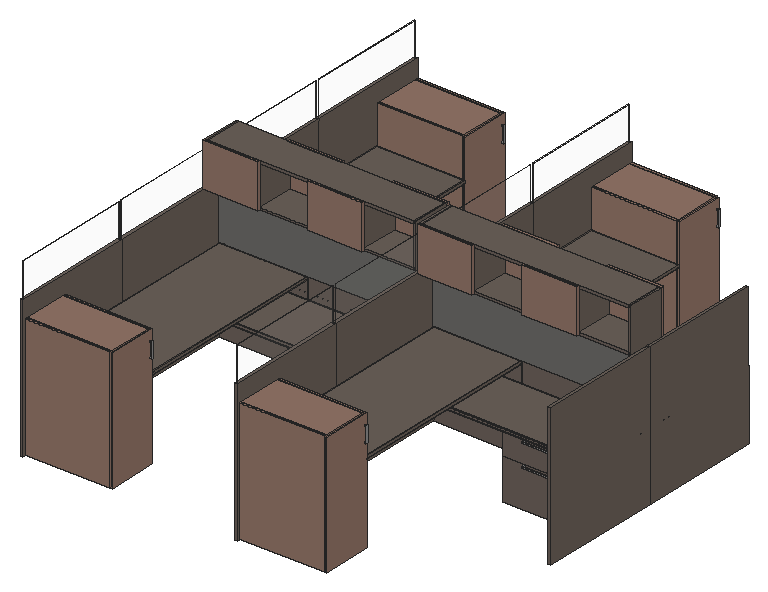
Revit family "T200178", category Furniture, Revit 2015
Parameters (values of type "T200178")
  URL = "https://ofs.com/"
  Type Comments = ""
  Staks slide Out Storage Tower Door Handle = OFS STAKS Metal Handle Material
  Staks slide Out Storage Tower Door = OFS STAKS Veneer Finish
  Staks slide Out Storage Tower Chasis = OFS STAKS Veneer Finish
  Staks fabric Tackboard = STAKS FABRIC TACKBOARD
  Staks Spine or Divider Wall = STAKS SURFACE LG
  Staks Double Sided Frosted Glass = OFS STAKS Frosted Glass
  Staks 15h Shared Organizer Door = OFS STAKS Doors Material
  Staks 15h Shared Organizer Board = OFS STAKS Boards
  Model = "T200178"
  Manufacturer = "OFS"
  Description = "OFS TYPICAL T200178"
  Copyright © = "©OFS 2020"
  Catalog = "https://ofs.com/2020-experience"
  Authoring Version = "Autodesk Revit Architecture 2015"
  Assembly Code = "E2020400"
Reference planes (in)
  plane 1 "Center Front/Back": y = 0
  plane 2: z = 0
  plane 3 "Center Left/Right": x = 0
Dimensions and locks (in)
  nested 12 to nested 15 = 72.00"
  aligned and locked: level to plane 2
Nested families (in)
  nested 1: "STAKS SLIDE OUT STORAGE TOWER Full Door" at (-52.49965, -104.47711, 0) x (0, 1, 0) z (0, 0, 1), type "STAKS SLIDE OUT STORAGE TOWER 42H Left - Three Section Felt Pocket & Section Felt Pocket & Stationary Shelf"
  nested 2: "STAKS SLIDE OUT STORAGE TOWER Full Door" at (-52.49965, 104.47711, 0) x (0, -1, 0) z (0, 0, 1), type "STAKS SLIDE OUT STORAGE TOWER 42H Right - Three Section Felt Pocket & Section Felt Pocket & Stationary Shelf"
  nested 3: "STAKS RECTANGULAR WORKSURFACES Worksurface Height" at (-74.33365, -74.05498, 0) x (0, 1, 0) z (0, 0, 1), type "STAKS RECTANGULAR WORKSURFACE 66 x 30"
    with Height Above Floor 29.00"
  nested 4: "STAKS RECTANGULAR WORKSURFACES Worksurface Height" at (-74.33365, 74.05498, 0) x (0, -1, 0) z (0, 0, 1), type "STAKS RECTANGULAR WORKSURFACE 66 x 30"
    with Height Above Floor 29.00"
  nested 5: "STAKS RECTANGULAR WORKSURFACES Short Grain" at (7.05498, -25.83365, -5.875) x (-1, 0, 0) z (0, 0, 1), type "STAKS RECTANGULAR WORKSURFACE 22 x 72"
    with Height Above Floor 29.00"
  nested 6: "STAKS LOW HEIGHT PEDESTAL WIDE - BOX-FILE - NO RISER SUPPORT" at (-36.53961, -21.9066, 0) x (1, 0, 0) z (0, 0, 1), type "STAKS LOW HEIGHT PEDESTAL WIDE - BOX-FILE - NO RISER SUPPORT 30in W x 22in D"
  nested 7: "STAKS LOW HEIGHT PEDESTAL WIDE - BOX-FILE - NO RISER SUPPORT" at (-36.53961, 21.9066, 0) x (1, 0, 0) z (0, 0, 1), type "STAKS LOW HEIGHT PEDESTAL WIDE - BOX-FILE - NO RISER SUPPORT 30in W x 22in D"
  nested 8: "STAKS RECTANGULAR WORKSURFACES Short Grain" at (7.05498, 25.83365, -5.875) x (-1, 0, 0) z (0, 0, 1), type "STAKS RECTANGULAR WORKSURFACE 22 x 72"
    with Height Above Floor 29.00"
  nested 9: "STAKS SPINE OR DIVIDER WALL 48in" at (-80.05498, 2.33365, 0), type "STAKS SPINE OR DIVIDER WALL 48in X 30in"
    with Height Above Floor 48.00"
  nested 10: "STAKS SPINE OR DIVIDER WALL 48in" at (-50.05498, 2.33365, 0), Staks Spine or Divider Wall <- "Staks Spine or Divider Wall", type "STAKS SPINE OR DIVIDER WALL 48in X 42in"
    with Height Above Floor 48.00"
  nested 11: "STAKS SPINE OR DIVIDER WALL 48in" at (-2.33365, 34.44502, 0) x (0, 1, 0) z (0, 0, 1), Staks Spine or Divider Wall <- "Staks Spine or Divider Wall", type "STAKS SPINE OR DIVIDER WALL 48in X 42in"
    with Height Above Floor 48.00"
  nested 12: "STAKS SPINE OR DIVIDER WALL 48in" at (-2.33365, -34.44502, 0) x (0, -1, 0) z (0, 0, 1), Staks Spine or Divider Wall <- "Staks Spine or Divider Wall", type "STAKS SPINE OR DIVIDER WALL 48in X 42in"
    with Height Above Floor 48.00"
  nested 13: "STAKS SPINE OR DIVIDER WALL 48in" at (-2.33365, -49.55498, 0) x (0, 1, 0) z (0, 0, 1), Staks Spine or Divider Wall <- "Staks Spine or Divider Wall", type "STAKS SPINE OR DIVIDER WALL 48in X 42in"
    with Height Above Floor 48.00"
  nested 14: "STAKS SPINE OR DIVIDER WALL 48in" at (-2.33365, 49.55498, 0) x (0, -1, 0) z (0, 0, 1), Staks Spine or Divider Wall <- "Staks Spine or Divider Wall", type "STAKS SPINE OR DIVIDER WALL 48in X 42in"
    with Height Above Floor 48.00"
  nested 15: "STAKS SPINE OR DIVIDER WALL 48in" at (-75.33365, -34.44502, 0) x (0, -1, 0) z (0, 0, 1), Staks Spine or Divider Wall <- "Staks Spine or Divider Wall", type "STAKS SPINE OR DIVIDER WALL 48in X 42in"
    with Height Above Floor 48.00"
  nested 16: "STAKS SPINE OR DIVIDER WALL 48in" at (-75.33365, -49.55498, 0) x (0, 1, 0) z (0, 0, 1), Staks Spine or Divider Wall <- "Staks Spine or Divider Wall", type "STAKS SPINE OR DIVIDER WALL 48in X 42in"
    with Height Above Floor 48.00"
  nested 17: "STAKS SPINE OR DIVIDER WALL 48in" at (-75.33365, 34.44502, 0) x (0, 1, 0) z (0, 0, 1), Staks Spine or Divider Wall <- "Staks Spine or Divider Wall", type "STAKS SPINE OR DIVIDER WALL 48in X 42in"
    with Height Above Floor 48.00"
  nested 18: "STAKS SPINE OR DIVIDER WALL 48in" at (-75.33365, 49.55498, 0) x (0, -1, 0) z (0, 0, 1), Staks Spine or Divider Wall <- "Staks Spine or Divider Wall", type "STAKS SPINE OR DIVIDER WALL 48in X 42in"
    with Height Above Floor 48.00"
  nested 19: "STAKS DOUBLE SIDED FROSTED GLASS PRIVACY PANEL" at (-70.24572, -46.49606, 0.5) x (0, 1, 0) z (0, 0, 1), type "STAKS DOUBLE SIDED FROSTED GLASS PRIVACY PANEL 41 x 13"
  nested 20: "STAKS DOUBLE SIDED FROSTED GLASS PRIVACY PANEL" at (-70.24572, -4.49606, 0.5) x (0, 1, 0) z (0, 0, 1), type "STAKS DOUBLE SIDED FROSTED GLASS PRIVACY PANEL 41 x 13"
  nested 21: "STAKS DOUBLE SIDED FROSTED GLASS PRIVACY PANEL" at (-70.24572, 46.49606, 0.5) x (0, -1, 0) z (0, 0, 1), type "STAKS DOUBLE SIDED FROSTED GLASS PRIVACY PANEL 41 x 13"
  nested 22: "STAKS DOUBLE SIDED FROSTED GLASS PRIVACY PANEL" at (-70.24572, 4.49606, 0.5) x (0, -1, 0) z (0, 0, 1), type "STAKS DOUBLE SIDED FROSTED GLASS PRIVACY PANEL 41 x 13"
  nested 23: "STAKS DOUBLE SIDED FROSTED GLASS PRIVACY PANEL" at (2.75428, -46.49606, 0.5) x (0, 1, 0) z (0, 0, 1), type "STAKS DOUBLE SIDED FROSTED GLASS PRIVACY PANEL 41 x 13"
  nested 24: "STAKS DOUBLE SIDED FROSTED GLASS PRIVACY PANEL" at (2.75428, -4.49606, 0.5) x (0, 1, 0) z (0, 0, 1), type "STAKS DOUBLE SIDED FROSTED GLASS PRIVACY PANEL 41 x 13"
  nested 25: "STAKS DOUBLE SIDED FROSTED GLASS PRIVACY PANEL" at (2.75428, 46.49606, 0.5) x (0, -1, 0) z (0, 0, 1), type "STAKS DOUBLE SIDED FROSTED GLASS PRIVACY PANEL 41 x 13"
  nested 26: "STAKS DOUBLE SIDED FROSTED GLASS PRIVACY PANEL" at (2.75428, 4.49606, 0.5) x (0, -1, 0) z (0, 0, 1), type "STAKS DOUBLE SIDED FROSTED GLASS PRIVACY PANEL 41 x 13"
  nested 27: "STAKS FABRIC TACKBOARD FOR SPINE OR DIVIDER WALL" at (-79.92998, 1.20865, 6), type "STAKS FABRIC TACKBOARD FOR SPINE OR DIVIDER WALL 18H x 49-73.9375W."
    with Height Above Floor 41.50"
  nested 28: "STAKS FABRIC TACKBOARD FOR SPINE OR DIVIDER WALL" at (-79.92998, -1.20865, 6), type "STAKS FABRIC TACKBOARD FOR SPINE OR DIVIDER WALL 18H x 49-73.9375W."
    with Height Above Floor 41.50"
  nested 29: "STAKS 15H SHARED ORGANIZER Two Openings Alternated" at (-63.67604, 8.33365, 0.5), type "STAKS 15H SHARED ORGANIZER Two Openings Alternated 72in W"
    with Height Above Floor 62.50"
  nested 30: "STAKS SLIDE OUT STORAGE TOWER Full Door" at (20.62535, -104.47711, 0) x (0, 1, 0) z (0, 0, 1), type "STAKS SLIDE OUT STORAGE TOWER 42H Left - Three Section Felt Pocket & Section Felt Pocket & Stationary Shelf"
  nested 31: "STAKS SLIDE OUT STORAGE TOWER Full Door" at (20.62535, 104.47711, 0) x (0, -1, 0) z (0, 0, 1), type "STAKS SLIDE OUT STORAGE TOWER 42H Right - Three Section Felt Pocket & Section Felt Pocket & Stationary Shelf"
  nested 32: "STAKS RECTANGULAR WORKSURFACES Worksurface Height" at (-1.20865, -74.05498, 0) x (0, 1, 0) z (0, 0, 1), type "STAKS RECTANGULAR WORKSURFACE 66 x 30"
    with Height Above Floor 29.00"
  nested 33: "STAKS RECTANGULAR WORKSURFACES Worksurface Height" at (-1.20865, 74.05498, 0) x (0, -1, 0) z (0, 0, 1), type "STAKS RECTANGULAR WORKSURFACE 66 x 30"
    with Height Above Floor 29.00"
  nested 34: "STAKS RECTANGULAR WORKSURFACES Short Grain" at (80.17998, -25.83365, -5.875) x (-1, 0, 0) z (0, 0, 1), type "STAKS RECTANGULAR WORKSURFACE 22 x 72"
    with Height Above Floor 29.00"
  nested 35: "STAKS LOW HEIGHT PEDESTAL WIDE - BOX-FILE - NO RISER SUPPORT" at (36.58539, -21.9066, 0) x (1, 0, 0) z (0, 0, 1), type "STAKS LOW HEIGHT PEDESTAL WIDE - BOX-FILE - NO RISER SUPPORT 30in W x 22in D"
  nested 36: "STAKS LOW HEIGHT PEDESTAL WIDE - BOX-FILE - NO RISER SUPPORT" at (36.58539, 21.9066, 0) x (1, 0, 0) z (0, 0, 1), type "STAKS LOW HEIGHT PEDESTAL WIDE - BOX-FILE - NO RISER SUPPORT 30in W x 22in D"
  nested 37: "STAKS RECTANGULAR WORKSURFACES Short Grain" at (80.17998, 25.83365, -5.875) x (-1, 0, 0) z (0, 0, 1), type "STAKS RECTANGULAR WORKSURFACE 22 x 72"
    with Height Above Floor 29.00"
  nested 38: "STAKS SPINE OR DIVIDER WALL 48in" at (-6.92998, 2.33365, 0), type "STAKS SPINE OR DIVIDER WALL 48in X 30in"
    with Height Above Floor 48.00"
  nested 39: "STAKS SPINE OR DIVIDER WALL 48in" at (23.07002, 2.33365, 0), Staks Spine or Divider Wall <- "Staks Spine or Divider Wall", type "STAKS SPINE OR DIVIDER WALL 48in X 42in"
    with Height Above Floor 48.00"
  nested 40: "STAKS FABRIC TACKBOARD FOR SPINE OR DIVIDER WALL" at (-6.80498, 1.20865, 6), type "STAKS FABRIC TACKBOARD FOR SPINE OR DIVIDER WALL 18H x 49-73.9375W."
    with Height Above Floor 41.50"
  nested 41: "STAKS FABRIC TACKBOARD FOR SPINE OR DIVIDER WALL" at (-6.80498, -1.20865, 6), type "STAKS FABRIC TACKBOARD FOR SPINE OR DIVIDER WALL 18H x 49-73.9375W."
    with Height Above Floor 41.50"
  nested 42: "STAKS 15H SHARED ORGANIZER Two Openings Alternated" at (9.44896, 8.33365, 0.5), type "STAKS 15H SHARED ORGANIZER Two Openings Alternated 72in W"
    with Height Above Floor 62.50"
  nested 43: "STAKS SPINE OR DIVIDER WALL 48in" at (70.91241, -49.55498, 0) x (0, 1, 0) z (0, 0, 1), Staks Spine or Divider Wall <- "Staks Spine or Divider Wall", type "STAKS SPINE OR DIVIDER WALL 48in X 42in"
    with Height Above Floor 48.00"
  nested 44: "STAKS SPINE OR DIVIDER WALL 48in" at (70.91241, 49.55498, 0) x (0, -1, 0) z (0, 0, 1), Staks Spine or Divider Wall <- "Staks Spine or Divider Wall", type "STAKS SPINE OR DIVIDER WALL 48in X 42in"
    with Height Above Floor 48.00"
Definition of nested family "STAKS SLIDE OUT STORAGE TOWER Full Door"
  Parameters (values of type "STAKS SLIDE OUT STORAGE TOWER 42H Left - Box Drawer & 2 Stationary Shelf")
    URL = "http://www.ofs.com/"
    Right = no
    Model = "6-1742SOSL2"
    Manufacturer = "OFS"
    Left = yes
    Height = 42.00"
    Door Material = none
    Door Handle Material = none
    Description = "OFS STAKS SLIDE OUT STORAGE TOWER 42in Height, Left Aligned, Box Drawer & 2 Stationary Shelf"
    Width = 17.00"
    Depth = 30.00"
    Copyright © = "© 2018 OFS"
    Chasis Material = none
    Catalog = "https://ofs.com/products/casegoods/private-office/staks"
    Board Width = 0.75"
    Authoring Version = "Autodesk Revit Architecture 2013"
    Assembly Code = "E2020200"
  Types (12): name | Right | Model | Left | Height | Description
    STAKS SLIDE OUT STORAGE TOWER 42H Left - Three Section Felt Pocket & Section Felt Pocket & Stationary Shelf | no | "6-1742SOSL1" | yes | 42.00" | "OFS STAKS SLIDE OUT STORAGE TOWER 42in Height, Left Aligned, Three Section Felt Pocket& Section Felt Pocket & Stationary Shelf"
    STAKS SLIDE OUT STORAGE TOWER 42H Right - Three Section Felt Pocket & Section Felt Pocket & Stationary Shelf | yes | "6-1742SOSR1" | no | 42.00" | "OFS STAKS SLIDE OUT STORAGE TOWER 42in Height, Right Aligned, Three Section Felt Pocket& Section Felt Pocket & Stationary Shelf"
    STAKS SLIDE OUT STORAGE TOWER 48H Right - Three Section Felt Pocket & Section Felt Pocket & 2 Stationary Shelf | yes | "6-1748SOSR1" | no | 48.00" | "OFS STAKS SLIDE OUT STORAGE TOWER 48in Height, Right Aligned, Three Section Felt Pocket& Section Felt Pocket & 2 Stationary Shelf"
    STAKS SLIDE OUT STORAGE TOWER 48H Left - Three Section Felt Pocket & Section Felt Pocket & 2 Stationary Shelf | no | "6-1748SOSL1" | yes | 48.00" | "OFS STAKS SLIDE OUT STORAGE TOWER 48in Height, Left Aligned, Three Section Felt Pocket& Section Felt Pocket & 2 Stationary Shelf"
    STAKS SLIDE OUT STORAGE TOWER 42H Left - Box Drawer & 2 Stationary Shelf | no | "6-1742SOSL2" | yes | 42.00" | "OFS STAKS SLIDE OUT STORAGE TOWER 42in Height, Left Aligned, Box Drawer & 2 Stationary Shelf"
    STAKS SLIDE OUT STORAGE TOWER 42H Right - Box Drawer & 2 Stationary Shelf | yes | "6-1742SOSR2" | no | 42.00" | "OFS STAKS SLIDE OUT STORAGE TOWER 42in Height, Right Aligned, Box Drawer & 2 Stationary Shelf"
    STAKS SLIDE OUT STORAGE TOWER 48H Left - Box Drawer & 3 Stationary Shelf | no | "6-1748SOSL2" | yes | 48.00" | "OFS STAKS SLIDE OUT STORAGE TOWER 48in Height, Left Aligned, Box Drawer & 3 Stationary Shelf"
    STAKS SLIDE OUT STORAGE TOWER 48H Right - Box Drawer & 3 Stationary Shelf | yes | "6-1748SOSR2" | no | 48.00" | "OFS STAKS SLIDE OUT STORAGE TOWER 48in Height, Left Aligned, Box Drawer & 3 Stationary Shelf"
    STAKS SLIDE OUT STORAGE TOWER 42H Left - 2 Stationary Shelf | no | "6-1742SOSL3" | yes | 42.00" | "OFS STAKS SLIDE OUT STORAGE TOWER 42in Height, Left Aligned, 2 Stationary Shelf"
    STAKS SLIDE OUT STORAGE TOWER 48H Left - 3 Stationary Shelf | no | "6-1748SOSL3" | yes | 48.00" | "OFS STAKS SLIDE OUT STORAGE TOWER 48in Height, Left Aligned, 3 Stationary Shelf"
    STAKS SLIDE OUT STORAGE TOWER 42H Right - 2 Stationary Shelf | yes | "6-1742SOSR3" | no | 42.00" | "OFS STAKS SLIDE OUT STORAGE TOWER 42in Height, Right Aligned, 2 Stationary Shelf"
    STAKS SLIDE OUT STORAGE TOWER 48H Right - 3 Stationary Shelf | yes | "6-1748SOSR3" | no | 42.00" | "OFS STAKS SLIDE OUT STORAGE TOWER 48in Height, Right Aligned, 3 Stationary Shelf"
  Reference planes (in)
    plane 1: z = 0
    plane 2 "Right": x = 20.97711
    plane 3 "PEDESTAL TOP": z = 41.25
    plane 4: z = 1.25
    plane 5: z = 0.5
    plane 6: z = 42
    plane 7: x = 37.97711
    plane 8: y = -9.24965
    plane 9: y = -9.99965
    plane 10: x = 21.72711
    plane 11: x = 37.22711
    plane 12: y = 20.00035
    plane 13: y = 5.00035
    plane 14: x = 29.47711
    plane 15: y = 19.25035
    plane 16: z = 41.875
    plane 17: z = 0.625
    plane 18: x = 21.03961
    plane 19: x = 37.91461
    plane 20: z = 3.57087
    plane 21: z = 2.82087
    plane 22: y = -4.24965
    plane 23: z = 39.07406
    plane 24: z = 38.69906
    plane 25: z = 34.01156
    plane 26: z = 33.63656
    plane 27: y = -10.99965
    plane 28: y = -10.74965
    plane 29: x = 36.41461
    plane 30: x = 36.91461
    plane 31: x = 22.53961
    plane 32: x = 22.03961
  Forms (in)
    Extrusion 1, solid, material <- "Door Material"
      sketch origin (65.97711, 5, -13.1802) x (0, 1, 0) y (0, 0, -1)
        loop
          line (-14.99965, -55.0552) -> (-14.24965, -55.0552) -> (-14.24965, -13.8052) -> (-14.99965, -13.8052) -> (-14.99965, -55.0552)
      from 28.0625 to 44.9375
    Extrusion 2, solid, material <- "Chasis Material"
      sketch origin (44.95422, -1.24965, 0) x (-1, 0, 0) y (0, 0, -1)
        loop
          line (6.97711, -0.5) -> (6.97711, -42) -> (7.72711, -42) -> (7.72711, -0.5) -> (6.97711, -0.5)
      from -21.25 to 8
    Extrusion 3, solid, material <- "Chasis Material"
      sketch origin (31.20422, -1.24965, 0) x (-1, 0, 0) y (0, 0, -1)
        loop
          line (9.47711, -0.5) -> (9.47711, -42) -> (10.22711, -42) -> (10.22711, -0.5) -> (9.47711, -0.5)
      from -21.25 to 8
    Extrusion 4, solid, material <- "Chasis Material"
      sketch origin (22.60211, 31.02324, 0) x (0, 1, 0) y (0, 0, -1)
        loop
          line (-11.77289, -0.5) -> (-11.77289, -41.25) -> (-11.02289, -41.25) -> (-11.02289, -0.5) -> (-11.77289, -0.5)
      from -14.625 to 0.875
    Extrusion 5, solid, material <- "Chasis Material"
      sketch origin (84.51466, 23.31058, 11.25) x (1, 0, 0) y (0, 1, 0)
        loop
          line (-47.28755, -3.31023) -> (-62.78755, -3.31023) -> (-62.78755, -32.56023) -> (-47.28755, -32.56023) -> (-47.28755, -3.31023)
      from 30.75 to 30
    Extrusion 6, solid, material <- "Chasis Material"
      sketch origin (41.95422, 10.87535, -22.67913) x (-1, 0, 0) y (0, 0, -1)
        loop
          line (4.72711, -26.25) -> (20.22711, -26.25) -> (20.22711, -25.5) -> (4.72711, -25.5) -> (4.72711, -26.25)
      from -8.375 to 15.125
    Extrusion 7, solid, material <- "Door Handle Material", visible <- "Left"
      sketch origin (-12.02289, 0, 0) x (0, 1, 0) y (0, 0, 1)
        loop
          line (-10.99965, 33.63656) -> (-9.99965, 33.63656) -> (-9.99965, 34.01156) -> (-10.74965, 34.01156) -> (-10.74965, 38.69906) -> (-9.99965, 38.69906) -> (-9.99965, 39.07406) -> (-10.99965, 39.07406) -> (-10.99965, 33.63656)
      from 48.4375 to 48.9375
    Extrusion 8, solid, material <- "Door Handle Material", visible <- "Right"
      sketch origin (70.97711, 0, 0) x (0, 1, 0) y (0, 0, -1)
        loop
          line (-10.99965, -33.63656) -> (-10.99965, -39.07406) -> (-9.99965, -39.07406) -> (-9.99965, -38.69906) -> (-10.74965, -38.69906) -> (-10.74965, -34.01156) -> (-9.99965, -34.01156) -> (-9.99965, -33.63656) -> (-10.99965, -33.63656)
      from 48.4375 to 48.9375
  Dimensions and locks (in)
    "Board Width": plane 9 to plane 8
    "Width": plane 7 to plane 2 "Right"
    "Board Width": plane 7 to plane 11
    "Board Width": plane 15 to plane 12
    "Board Width": plane 2 "Right" to plane 10
    equal spacing: plane 2 "Right", plane 14, plane 7
    "Depth": plane 9 to plane 12
    "Board Width": plane 6 to plane 3 "PEDESTAL TOP"
    "Board Width": plane 4 to plane 5
    "Height": plane 6 to level
    equal spacing: plane 9, plane 13, plane 12
    locked: plane 6 to plane 16 at 0.125
    locked: plane 17 to plane 5 at 0.125
    locked: plane 18 to plane 2 "Right" at 0.0625
    locked: plane 19 to plane 7 at 0.0625
    locked: plane 5 to plane 1 at 0.5
    locked: plane 21 to plane 4 at 1.57087
    "Board Width": plane 20 to plane 21
    locked: plane 8 to plane 22 at 5
    plane 29 to plane 30 to plane 7 = 0.50" locked, 1.0625" locked
    plane 6 to plane 23 to plane 24 to plane 25 to plane 26 = 2.92594" locked, 0.375" locked, 4.6875" locked, 0.375" locked
    plane 9 to plane 28 to plane 27 = 0.75" locked, 0.25" locked
    plane 31 to plane 32 to plane 2 "Right" = 0.50" locked, 1.0625" locked
    aligned and locked: level to plane 1
    aligned and locked: plane 12 to Extrusion 3
    aligned and locked: Extrusion 3 to plane 8
    aligned and locked: Extrusion 2 to plane 8
    aligned and locked: plane 12 to Extrusion 2
    aligned and locked: plane 11 to Extrusion 4
    aligned and locked: Extrusion 4 to plane 10
    aligned and locked: plane 10 to Extrusion 3
    aligned and locked: plane 2 "Right" to Extrusion 3
    aligned and locked: Extrusion 2 to plane 11
    aligned and locked: plane 7 to Extrusion 2
    aligned and locked: plane 12 to Extrusion 4
    aligned and locked: plane 8 to Extrusion 1 sketch curve
    aligned and locked: Extrusion 1 sketch curve to plane 9
    aligned and locked: plane 6 to Extrusion 5
    aligned and locked: Extrusion 5 to plane 3 "PEDESTAL TOP"
    aligned and locked: Extrusion 5 to plane 12
    aligned and locked: plane 10 to Extrusion 5
    aligned and locked: Extrusion 5 to plane 11
    aligned and locked: plane 6 to Extrusion 2
    aligned and locked: plane 6 to Extrusion 3
    aligned and locked: plane 8 to Extrusion 5
    aligned and locked: plane 15 to Extrusion 4
    aligned and locked: plane 16 to Extrusion 1
    aligned and locked: Extrusion 1 to plane 17
    aligned and locked: Extrusion 1 to plane 19
    aligned and locked: Extrusion 1 to plane 18
    aligned and locked: plane 10 to Extrusion 6
    aligned and locked: Extrusion 6 to plane 11
    aligned and locked: plane 20 to Extrusion 6
    aligned and locked: Extrusion 6 to plane 21
    aligned and locked: Extrusion 6 to plane 15
    aligned and locked: plane 22 to Extrusion 6
    aligned and locked: plane 27 to Extrusion 7 sketch curve
    aligned and locked: plane 23 to Extrusion 7 sketch curve
    aligned and locked: plane 26 to Extrusion 7 sketch curve
    aligned and locked: Extrusion 7 sketch curve to plane 9
    aligned and locked: plane 25 to Extrusion 7 sketch curve
    aligned and locked: plane 28 to Extrusion 7 sketch curve
    aligned and locked: plane 24 to Extrusion 7 sketch curve
    aligned and locked: Extrusion 7 to plane 30
    aligned and locked: plane 29 to Extrusion 7
    aligned and locked: plane 32 to Extrusion 8  (x2)
    aligned and locked: Extrusion 8 to plane 31  (x2)
    aligned and locked: plane 28 to Extrusion 8
    aligned and locked: Extrusion 8 to plane 27
    aligned and locked: plane 23 to Extrusion 8
    aligned and locked: Extrusion 8 to plane 24
    aligned and locked: plane 25 to Extrusion 8
    aligned and locked: Extrusion 8 to plane 26
    aligned and locked: Extrusion 8 to plane 9  (x2)
  Automatic sketch dimensions
    Extrusion 7 sketch curve to plane 9 = 0.00"
    Extrusion 8 sketch curve to plane 23 = 0.00"
    Extrusion 8 sketch curve to plane 27 = 0.00"
    Extrusion 8 sketch curve to plane 25 = 0.00"
    Extrusion 8 sketch curve to plane 28 = 0.00"
    Extrusion 8 sketch curve to plane 9 = 0.00"  (x2)
    Extrusion 8 sketch curve to plane 24 = 0.00"
    Extrusion 8 sketch curve to plane 26 = 0.00"
    Extrusion 1 sketch curve to plane 17 = 0.00"
    Extrusion 1 sketch curve to plane 16 = 0.00"
    Extrusion 2 sketch curve to plane 5 = 0.00"
    plane 7 to Extrusion 2 sketch curve = 0.00"
    Extrusion 2 sketch curve to plane 6 = 0.00"
    plane 11 to Extrusion 2 sketch curve = 0.00"
    Extrusion 3 sketch curve to plane 5 = 0.00"
    plane 10 to Extrusion 3 sketch curve = 0.00"
    Extrusion 3 sketch curve to plane 2 "Right" = 0.00"
    Extrusion 3 sketch curve to plane 6 = 0.00"
    Extrusion 4 sketch curve to plane 5 = 0.00"
    Extrusion 4 sketch curve to plane 15 = 0.00"
    Extrusion 4 sketch curve to plane 3 "PEDESTAL TOP" = 0.00"
    Extrusion 4 sketch curve to plane 12 = 0.00"
    Extrusion 5 sketch curve to plane 10 = 0.00"
    plane 8 to Extrusion 5 sketch curve = 0.00"
    Extrusion 5 sketch curve to plane 11 = 0.00"
    plane 12 to Extrusion 5 sketch curve = 0.00"
    plane 11 to Extrusion 6 sketch curve = 0.00"
    plane 10 to Extrusion 6 sketch curve = 0.00"
    Extrusion 6 sketch curve to plane 20 = 0.00"
    Extrusion 6 sketch curve to plane 21 = 0.00"
Definition of nested family "STAKS RECTANGULAR WORKSURFACES Worksurface Height"
  Parameters (values of type "STAKS RECTANGULAR WORKSURFACE 54 x 30")
    URL = "http://www.ofs.com/"
    Height Above Floor [instance] = 29.00"
    Height = 1.125"
    Depth = 30.00"
    Model = "6-MCT-54/30"
    Manufacturer = "OFS"
    Description = "OFS STAKS 54\" X 30\" RECTANGULAR WORKSURFACE For Worksurface or Low Height Applications, Short Grain"
    Width = 54.00"
    Copyright © = "© 2018 OFS"
    Catalog = "https://ofs.com/products/casegoods/private-office/staks"
    Authoring Version = "Autodesk Revit Architecture 2013"
    Assembly Code = "E2020200"
  Types (12): name | Depth | Model | Description | Width
    STAKS RECTANGULAR WORKSURFACE 60 x 30 | 30.00" | "6-MCT-60/30" | "OFS STAKS 60\" X 30\" RECTANGULAR WORKSURFACE For Worksurface or Low Height Applications, Short Grain" | 60.00"
    STAKS RECTANGULAR WORKSURFACE 66 x 30 | 30.00" | "6-MCT-66/30" | "OFS STAKS 66\" X 30\" RECTANGULAR WORKSURFACE For Worksurface or Low Height Applications, Short Grain" | 66.00"
    STAKS RECTANGULAR WORKSURFACE 72 x 30 | 30.00" | "6-MCT-72/30" | "OFS STAKS 72\" X 30\" RECTANGULAR WORKSURFACE For Worksurface or Low Height Applications, Short Grain" | 72.00"
    STAKS RECTANGULAR WORKSURFACE 78 x 30 | 30.00" | "6-MCT-78/30" | "OFS STAKS 78\" X 30\" RECTANGULAR WORKSURFACE For Worksurface or Low Height Applications, Short Grain" | 78.00"
    STAKS RECTANGULAR WORKSURFACE 84 x 30 | 30.00" | "6-MCT-84/30" | "OFS STAKS 84\" X 30\" RECTANGULAR WORKSURFACE For Worksurface or Low Height Applications, Short Grain" | 84.00"
    STAKS RECTANGULAR WORKSURFACE 96 x 30 | 30.00" | "6-MCT-96/30" | "OFS STAKS 96\" X 30\" RECTANGULAR WORKSURFACE For Worksurface or Low Height Applications, Short Grain" | 96.00"
    STAKS RECTANGULAR WORKSURFACE 54 x 30 | 30.00" | "6-MCT-54/30" | "OFS STAKS 54\" X 30\" RECTANGULAR WORKSURFACE For Worksurface or Low Height Applications, Short Grain" | 54.00"
    STAKS RECTANGULAR WORKSURFACE 60 x 36 | 36.00" | "6-MCT-60/36" | "OFS STAKS 60\" X 36\" RECTANGULAR WORKSURFACE For Worksurface or Low Height Applications, Short Grain" | 60.00"
    STAKS RECTANGULAR WORKSURFACE 66 x 36 | 36.00" | "6-MCT-66/36" | "OFS STAKS 66\" X 36\" RECTANGULAR WORKSURFACE For Worksurface or Low Height Applications, Short Grain" | 66.00"
    STAKS RECTANGULAR WORKSURFACE 72 x 36 | 36.00" | "6-MCT-72/36" | "OFS STAKS 72\" X 36\" RECTANGULAR WORKSURFACE For Worksurface or Low Height Applications, Short Grain" | 72.00"
    STAKS RECTANGULAR WORKSURFACE 78 x 36 | 36.00" | "6-MCT-78/36" | "OFS STAKS 78\" X 36\" RECTANGULAR WORKSURFACE For Worksurface or Low Height Applications, Short Grain" | 78.00"
    STAKS RECTANGULAR WORKSURFACE 84 x 36 | 36.00" | "6-MCT-84/36" | "OFS STAKS 84\" X 36\" RECTANGULAR WORKSURFACE For Worksurface or Low Height Applications, Short Grain" | 84.00"
  Reference planes (in)
    plane 1: z = -0.125
    plane 2 "LEFT": x = 7.55498
    plane 3 "RIGHT": x = 61.55498
    plane 4 "BACK": y = -1.83365
    plane 5 "FRONT": y = -31.83365
    plane 6: x = 7.67998
    plane 7: x = 61.42998
    plane 8: y = -1.95865
    plane 9: y = -31.70865
    plane 10: z = 27.75
    plane 11 "SURFACE TOP": z = 28.875
  Forms (in)
    Extrusion 1, solid
      sketch origin (0, 0, 17.125) x (-1, 0, 0) y (0, -1, 0)
        loop
          line (-7.67998, 1.95865) -> (-7.67998, 31.70865) -> (-61.42998, 31.70865) -> (-61.42998, 1.95865) -> (-7.67998, 1.95865)
      from 11.75 to 10.625
    Sweep 2, solid
      path origin (0, 0, 28.875) x (0, 1, 0) y (-1, 0, 0)
        loop
          line (-31.83365, -7.55498) -> (-31.83365, -61.55498) -> (-1.83365, -61.55498) -> (-1.83365, -7.55498) -> (-31.83365, -7.55498)
      profile origin (34.55498, -31.83365, 28.875) x (0, 1, 0) y (0, 0, 1)
        loop
          arc (0.125, 0) -> (0.03661, -0.03661) -> (0, -0.125) r 0.125
          line (0, -0.125) -> (0, -1)
          arc (0, -1) -> (0.03661, -1.08839) -> (0.125, -1.125) r 0.125
          line (0.125, -1.125) -> (0.125, 0)
  Lines and regions (in)
    Masking region 1
      outline origin (0, 0, 16.625) x (-1, 0, 0) y (0, -1, 0)
        loop
          line (-7.67998, 1.95865) -> (-7.55498, 1.83365) -> (-7.55498, 31.83365) -> (-7.67998, 31.70865) -> (-7.67998, 1.95865)
    Masking region 2
      outline origin (0, 0, 16.625) x (-1, 0, 0) y (0, -1, 0)
        loop
          line (-7.55498, 1.83365) -> (-7.67998, 1.95865) -> (-61.42998, 1.95865) -> (-61.55498, 1.83365) -> (-7.55498, 1.83365)
    Masking region 3
      outline origin (0, 0, 16.625) x (-1, 0, 0) y (0, -1, 0)
        loop
          line (-61.55498, 1.83365) -> (-61.42998, 1.95865) -> (-61.42998, 31.70865) -> (-61.55498, 31.83365) -> (-61.55498, 1.83365)
    Masking region 4
      outline origin (0, 0, 16.625) x (-1, 0, 0) y (0, -1, 0)
        loop
          line (-61.55498, 31.83365) -> (-61.42998, 31.70865) -> (-7.67998, 31.70865) -> (-7.55498, 31.83365) -> (-61.55498, 31.83365)
    Masking region 5
      outline origin (0, 0, 16.625) x (-1, 0, 0) y (0, -1, 0)
        loop
          line (-61.42998, 31.70865) -> (-61.42998, 1.95865) -> (-7.67998, 1.95865) -> (-7.67998, 31.70865) -> (-61.42998, 31.70865)
  Dimensions and locks (in)
    "Depth": plane 4 "BACK" to plane 5 "FRONT"
    "Width": plane 2 "LEFT" to plane 3 "RIGHT"
    "Height": plane 11 "SURFACE TOP" to plane 10
    locked: plane 4 "BACK" to plane 8 at 0.125
    locked: plane 2 "LEFT" to plane 6 at 0.125
    locked: plane 7 to plane 3 "RIGHT" at 0.125
    locked: plane 9 to plane 5 "FRONT" at 0.125
    "Height Above Floor": plane 11 "SURFACE TOP" to level
    aligned: level to plane 1
    aligned and locked: plane 8 to Extrusion 1 sketch curve
    aligned and locked: Extrusion 1 sketch curve to plane 6
    aligned and locked: Extrusion 1 sketch curve to plane 9
    aligned and locked: plane 7 to Extrusion 1 sketch curve
    aligned and locked: plane 11 "SURFACE TOP" to Extrusion 1
    aligned and locked: Extrusion 1 to plane 10
    aligned and locked: Sweep 2 sketch curve to plane 5 "FRONT"
    aligned and locked: Sweep 2 sketch curve to plane 2 "LEFT"
    aligned and locked: plane 4 "BACK" to Sweep 2 sketch curve
    aligned and locked: plane 3 "RIGHT" to Sweep 2 sketch curve
  Automatic sketch dimensions
    Masking region 1 sketch curve to plane 6 = 0.00"
    Masking region 1 sketch curve to plane 2 "LEFT" = 0.00"
    Masking region 1 sketch curve to plane 4 "BACK" = 0.00"
    Masking region 1 sketch curve to plane 8 = 0.00"
    Masking region 1 sketch curve to plane 9 = 0.00"
    Masking region 1 sketch curve to plane 5 "FRONT" = 0.00"
    Masking region 2 sketch curve to plane 3 "RIGHT" = 0.00"
    Masking region 2 sketch curve to plane 7 = 0.00"
    Masking region 2 sketch curve to plane 6 = 0.00"
    Masking region 2 sketch curve to plane 2 "LEFT" = 0.00"
    Masking region 2 sketch curve to plane 4 "BACK" = 0.00"
    Masking region 2 sketch curve to plane 8 = 0.00"
    Masking region 3 sketch curve to plane 3 "RIGHT" = 0.00"
    Masking region 3 sketch curve to plane 7 = 0.00"
    Masking region 3 sketch curve to plane 4 "BACK" = 0.00"
    Masking region 3 sketch curve to plane 8 = 0.00"
    Masking region 3 sketch curve to plane 9 = 0.00"
    Masking region 3 sketch curve to plane 5 "FRONT" = 0.00"
    Masking region 4 sketch curve to plane 3 "RIGHT" = 0.00"
    Masking region 4 sketch curve to plane 7 = 0.00"
    Masking region 4 sketch curve to plane 6 = 0.00"
    Masking region 4 sketch curve to plane 2 "LEFT" = 0.00"
    Masking region 4 sketch curve to plane 9 = 0.00"
    Masking region 4 sketch curve to plane 5 "FRONT" = 0.00"
    Masking region 5 sketch curve to plane 7 = 0.00"
    Masking region 5 sketch curve to plane 6 = 0.00"
    Masking region 5 sketch curve to plane 8 = 0.00"
    Masking region 5 sketch curve to plane 9 = 0.00"
    Sweep 2 sketch curve to profile plane = 0.00"
    Sweep 2 sketch curve to plane 11 "SURFACE TOP" = 0.00"
    Sweep 2 sketch curve to profile plane = 0.125"
    Sweep 2 sketch curve to Sweep 2 sketch curve = 0.875"
Definition of nested family "STAKS RECTANGULAR WORKSURFACES Short Grain"
  Parameters (values of type "STAKS RECTANGULAR WORKSURFACE 22 x 15.625")
    URL = "http://www.ofs.com/"
    Height Above Floor [instance] = 29.00"
    Height = 1.125"
    Depth = 22.00"
    Model = "6-MCT-22/15.625"
    Manufacturer = "OFS"  # constant formula
    Description = "OFS STAKS 22 X 15.625 RECTANGULAR WORKSURFACE For Worksurface or Low Height Applications, Short Grain"
    Width = 15.625"
    Copyright © = "© 2018 OFS"  # constant formula
    Catalog = "https://ofs.com/products/casegoods/private-office/staks"  # constant formula
    Authoring Version = "Autodesk Revit Architecture 2013"
    Assembly Code = "E2020200"
  Types (24): name | Model | Description | Width
    STAKS RECTANGULAR WORKSURFACE 22 x 15.625 | "6-MCT-22/15.625" | "OFS STAKS 22 X 15.625 RECTANGULAR WORKSURFACE For Worksurface or Low Height Applications, Short Grain" | 15.625"
    STAKS RECTANGULAR WORKSURFACE 22 x 34 | "6-MCT-22/34" | "OFS STAKS 22 X 34 RECTANGULAR WORKSURFACE For Worksurface or Low Height Applications, Short Grain" | 34.00"
    STAKS RECTANGULAR WORKSURFACE 22 x 36 | "6-MCT-22/36" | "OFS STAKS 22 X 36 RECTANGULAR WORKSURFACE For Worksurface or Low Height Applications, Short Grain" | 36.00"
    STAKS RECTANGULAR WORKSURFACE 22 x 42 | "6-MCT-22/42" | "OFS STAKS 22 X 42 RECTANGULAR WORKSURFACE For Worksurface or Low Height Applications, Short Grain" | 42.00"
    STAKS RECTANGULAR WORKSURFACE 22 x 46 | "6-MCT-22/46" | "OFS STAKS 22 X 46 RECTANGULAR WORKSURFACE For Worksurface or Low Height Applications, Short Grain" | 46.00"
    STAKS RECTANGULAR WORKSURFACE 22 x 48 | "6-MCT-22/48" | "OFS STAKS 22 X 48 RECTANGULAR WORKSURFACE For Worksurface or Low Height Applications, Short Grain" | 48.00"
    STAKS RECTANGULAR WORKSURFACE 22 x 48.5 | "6-MCT-22/48.5" | "OFS STAKS 22 X 48.5 RECTANGULAR WORKSURFACE For Worksurface or Low Height Applications, Short Grain" | 48.50"
    STAKS RECTANGULAR WORKSURFACE 22 x 54 | "6-MCT-22/54" | "OFS STAKS 22 X 54 RECTANGULAR WORKSURFACE For Worksurface or Low Height Applications, Short Grain" | 54.00"
    STAKS RECTANGULAR WORKSURFACE 22 x 55.5 | "6-MCT-22/55.5" | "OFS STAKS 22 X 55.5 RECTANGULAR WORKSURFACE For Worksurface or Low Height Applications, Short Grain" | 55.50"
    STAKS RECTANGULAR WORKSURFACE 22 x 59 | "6-MCT-22/59" | "OFS STAKS 22 X 59 RECTANGULAR WORKSURFACE For Worksurface or Low Height Applications, Short Grain" | 59.00"
    STAKS RECTANGULAR WORKSURFACE 22 x 60 | "6-MCT-22/60" | "OFS STAKS 22 X 60 RECTANGULAR WORKSURFACE For Worksurface or Low Height Applications, Short Grain" | 60.00"
    STAKS RECTANGULAR WORKSURFACE 22 x 64 | "6-MCT-22/64" | "OFS STAKS 22 X 64 RECTANGULAR WORKSURFACE For Worksurface or Low Height Applications, Short Grain" | 64.00"
    STAKS RECTANGULAR WORKSURFACE 22 x 66 | "6-MCT-22/66" | "OFS STAKS 22 X 66 RECTANGULAR WORKSURFACE For Worksurface or Low Height Applications, Short Grain" | 66.00"
    STAKS RECTANGULAR WORKSURFACE 22 x 69.625 | "6-MCT-22/69.625" | "OFS STAKS 22 X 69.625 RECTANGULAR WORKSURFACE For Worksurface or Low Height Applications, Short Grain" | 69.625"
    STAKS RECTANGULAR WORKSURFACE 22 x 70.5 | "6-MCT-22/70.5" | "OFS STAKS 22 X 70.5 RECTANGULAR WORKSURFACE For Worksurface or Low Height Applications, Short Grain" | 70.50"
    STAKS RECTANGULAR WORKSURFACE 22 x 72 | "6-MCT-22/72" | "OFS STAKS 22 X 72 RECTANGULAR WORKSURFACE For Worksurface or Low Height Applications, Short Grain" | 72.00"
    STAKS RECTANGULAR WORKSURFACE 22 x 74 | "6-MCT-22/74" | "OFS STAKS 22 X 74 RECTANGULAR WORKSURFACE For Worksurface or Low Height Applications, Short Grain" | 74.00"
    STAKS RECTANGULAR WORKSURFACE 22 x 78 | "6-MCT-22/78" | "OFS STAKS 22 X 78 RECTANGULAR WORKSURFACE For Worksurface or Low Height Applications, Short Grain" | 78.00"
    STAKS RECTANGULAR WORKSURFACE 22 x 82.5 | "6-MCT-22/82.5" | "OFS STAKS 22 X 82.5 RECTANGULAR WORKSURFACE For Worksurface or Low Height Applications, Short Grain" | 82.50"
    STAKS RECTANGULAR WORKSURFACE 22 x 84 | "6-MCT-22/84" | "OFS STAKS 22 X 84 RECTANGULAR WORKSURFACE For Worksurface or Low Height Applications, Short Grain" | 84.00"
    STAKS RECTANGULAR WORKSURFACE 22 x 87.625 | "6-MCT-22/87.625" | "OFS STAKS 22 X 87.625 RECTANGULAR WORKSURFACE For Worksurface or Low Height Applications, Short Grain" | 87.625"
    STAKS RECTANGULAR WORKSURFACE 22 x 90 | "6-MCT-22/90" | "OFS STAKS 22 X 90 RECTANGULAR WORKSURFACE For Worksurface or Low Height Applications, Short Grain" | 90.00"
    STAKS RECTANGULAR WORKSURFACE 22 x 94 | "6-MCT-22/94" | "OFS STAKS 22 X 94 RECTANGULAR WORKSURFACE For Worksurface or Low Height Applications, Short Grain" | 94.00"
    STAKS RECTANGULAR WORKSURFACE 22 x 96 | "6-MCT-22/96" | "OFS STAKS 22 X 96 RECTANGULAR WORKSURFACE For Worksurface or Low Height Applications, Short Grain" | 96.00"
  Reference planes (in)
    plane 1: z = -0.125
    plane 2 "LEFT": x = 7.55498
    plane 3 "RIGHT": x = 23.17998
    plane 4 "BACK": y = -1.83365
    plane 5 "FRONT": y = -23.83365
    plane 6: x = 7.67998
    plane 7: x = 23.05498
    plane 8: y = -1.95865
    plane 9: y = -23.70865
    plane 10: z = 27.75
    plane 11 "SURFACE TOP": z = 28.875
  Forms (in)
    Extrusion 1, solid
      sketch origin (0, 0, 17.125) x (-1, 0, 0) y (0, -1, 0)
        loop
          line (-7.67998, 1.95865) -> (-7.67998, 23.70865) -> (-23.05498, 23.70865) -> (-23.05498, 1.95865) -> (-7.67998, 1.95865)
      from 11.75 to 10.625
    Sweep 2, solid
      path origin (0, 0, 28.875) x (0, 1, 0) y (-1, 0, 0)
        loop
          line (-23.83365, -7.55498) -> (-23.83365, -23.17998) -> (-1.83365, -23.17998) -> (-1.83365, -7.55498) -> (-23.83365, -7.55498)
      profile origin (15.36748, -23.83365, 28.875) x (0, 1, 0) y (0, 0, 1)
        loop
          arc (0.125, 0) -> (0.03661, -0.03661) -> (0, -0.125) r 0.125
          line (0, -0.125) -> (0, -1)
          arc (0, -1) -> (0.03661, -1.08839) -> (0.125, -1.125) r 0.125
          line (0.125, -1.125) -> (0.125, 0)
  Lines and regions (in)
    Masking region 1
      outline origin (0, 0, 16.625) x (-1, 0, 0) y (0, -1, 0)
        loop
          line (-7.67998, 1.95865) -> (-7.55498, 1.83365) -> (-7.55498, 23.83365) -> (-7.67998, 23.70865) -> (-7.67998, 1.95865)
    Masking region 2
      outline origin (0, 0, 16.625) x (-1, 0, 0) y (0, -1, 0)
        loop
          line (-7.55498, 1.83365) -> (-7.67998, 1.95865) -> (-23.05498, 1.95865) -> (-23.17998, 1.83365) -> (-7.55498, 1.83365)
    Masking region 3
      outline origin (0, 0, 16.625) x (-1, 0, 0) y (0, -1, 0)
        loop
          line (-23.17998, 1.83365) -> (-23.05498, 1.95865) -> (-23.05498, 23.70865) -> (-23.17998, 23.83365) -> (-23.17998, 1.83365)
    Masking region 4
      outline origin (0, 0, 16.625) x (-1, 0, 0) y (0, -1, 0)
        loop
          line (-23.17998, 23.83365) -> (-23.05498, 23.70865) -> (-7.67998, 23.70865) -> (-7.55498, 23.83365) -> (-23.17998, 23.83365)
    Masking region 5
      outline origin (0, 0, 16.625) x (-1, 0, 0) y (0, -1, 0)
        loop
          line (-23.05498, 23.70865) -> (-23.05498, 1.95865) -> (-7.67998, 1.95865) -> (-7.67998, 23.70865) -> (-23.05498, 23.70865)
  Dimensions and locks (in)
    "Depth": plane 4 "BACK" to plane 5 "FRONT"
    "Width": plane 2 "LEFT" to plane 3 "RIGHT"
    "Height": plane 11 "SURFACE TOP" to plane 10
    locked: plane 4 "BACK" to plane 8 at 0.125
    locked: plane 2 "LEFT" to plane 6 at 0.125
    locked: plane 7 to plane 3 "RIGHT" at 0.125
    locked: plane 9 to plane 5 "FRONT" at 0.125
    "Height Above Floor": plane 11 "SURFACE TOP" to level
    aligned: level to plane 1
    aligned and locked: plane 8 to Extrusion 1 sketch curve
    aligned and locked: Extrusion 1 sketch curve to plane 6
    aligned and locked: Extrusion 1 sketch curve to plane 9
    aligned and locked: plane 7 to Extrusion 1 sketch curve
    aligned and locked: plane 11 "SURFACE TOP" to Extrusion 1
    aligned and locked: Extrusion 1 to plane 10
    aligned and locked: Sweep 2 sketch curve to plane 5 "FRONT"
    aligned and locked: Sweep 2 sketch curve to plane 2 "LEFT"
    aligned and locked: plane 4 "BACK" to Sweep 2 sketch curve
    aligned and locked: plane 3 "RIGHT" to Sweep 2 sketch curve
  Automatic sketch dimensions
    Masking region 1 sketch curve to plane 6 = 0.00"
    Masking region 1 sketch curve to plane 2 "LEFT" = 0.00"
    Masking region 1 sketch curve to plane 4 "BACK" = 0.00"
    Masking region 1 sketch curve to plane 8 = 0.00"
    Masking region 1 sketch curve to plane 9 = 0.00"
    Masking region 1 sketch curve to plane 5 "FRONT" = 0.00"
    Masking region 2 sketch curve to plane 3 "RIGHT" = 0.00"
    Masking region 2 sketch curve to plane 7 = 0.00"
    Masking region 2 sketch curve to plane 6 = 0.00"
    Masking region 2 sketch curve to plane 2 "LEFT" = 0.00"
    Masking region 2 sketch curve to plane 4 "BACK" = 0.00"
    Masking region 2 sketch curve to plane 8 = 0.00"
    Masking region 3 sketch curve to plane 3 "RIGHT" = 0.00"
    Masking region 3 sketch curve to plane 7 = 0.00"
    Masking region 3 sketch curve to plane 4 "BACK" = 0.00"
    Masking region 3 sketch curve to plane 8 = 0.00"
    Masking region 3 sketch curve to plane 9 = 0.00"
    Masking region 3 sketch curve to plane 5 "FRONT" = 0.00"
    Masking region 4 sketch curve to plane 3 "RIGHT" = 0.00"
    Masking region 4 sketch curve to plane 7 = 0.00"
    Masking region 4 sketch curve to plane 6 = 0.00"
    Masking region 4 sketch curve to plane 2 "LEFT" = 0.00"
    Masking region 4 sketch curve to plane 9 = 0.00"
    Masking region 4 sketch curve to plane 5 "FRONT" = 0.00"
    Masking region 5 sketch curve to plane 7 = 0.00"
    Masking region 5 sketch curve to plane 6 = 0.00"
    Masking region 5 sketch curve to plane 8 = 0.00"
    Masking region 5 sketch curve to plane 9 = 0.00"
    Sweep 2 sketch curve to profile plane = 0.00"
    Sweep 2 sketch curve to plane 11 "SURFACE TOP" = 0.00"
    Sweep 2 sketch curve to profile plane = 0.125"
    Sweep 2 sketch curve to Sweep 2 sketch curve = 0.875"
Definition of nested family "STAKS LOW HEIGHT PEDESTAL WIDE - BOX-FILE - NO RISER SUPPORT"
  Parameters (values of type "STAKS LOW HEIGHT PEDESTAL WIDE - BOX-FILE - NO RISER SUPPORT 24in W x 19in D")
    URL = "http://www.ofs.com/"
    Riser Support = 0.00"
    Model = "6-NL2419MPD8"
    Manufacturer = "OFS"
    Height = 21.875"
    Drawer Material = none
    Drawer Handle Width = 15.125"
    Drawer Handle Material = none
    Description = "OFS STAKS LOW HEIGHT PEDESTAL WIDE - BOX-FILE - NO RISER SUPPORT 24\" Width, 19\" Depth, One Box Drawer, One File Drawer, Use with 22\"D Worksurfaces"
    Width = 24.00"
    Depth = 19.375"
    DH2 = 6.50"
    DH1 = 14.375"
    Copyright © = "© 2018 OFS"
    Chasis Material = none
    Catalog = "https://ofs.com/products/casegoods/private-office/staks"
    Board Thickness = 0.75"
    Authoring Version = "Autodesk Revit Architecture 2013"
    Assembly Code = "E2020200"
  Types (6): name | Model | Description | Width | Depth
    STAKS LOW HEIGHT PEDESTAL WIDE - BOX-FILE - NO RISER SUPPORT 24in W x 19in D | "6-NL2419MPD8" | "OFS STAKS LOW HEIGHT PEDESTAL WIDE - BOX-FILE - NO RISER SUPPORT 24\" Width, 19\" Depth, One Box Drawer, One File Drawer, Use with 22\"D Worksurfaces" | 24.00" | 19.375"
    STAKS LOW HEIGHT PEDESTAL WIDE - BOX-FILE - NO RISER SUPPORT 24in W x 22in D | "6-NL2422MPD8" | "OFS STAKS LOW HEIGHT PEDESTAL WIDE - BOX-FILE - NO RISER SUPPORT 24\" Width, 22\" Depth, One Box Drawer, One File Drawer, Use with 22\"D Worksurfaces" | 24.00" | 21.875"
    STAKS LOW HEIGHT PEDESTAL WIDE - BOX-FILE - NO RISER SUPPORT 30in W x 19in D | "6-NL3019MPD8" | "OFS STAKS LOW HEIGHT PEDESTAL WIDE - BOX-FILE - NO RISER SUPPORT 30\" Width, 19\" Depth, One Box Drawer, One File Drawer, Use with 22\"D Worksurfaces" | 30.00" | 19.375"
    STAKS LOW HEIGHT PEDESTAL WIDE - BOX-FILE - NO RISER SUPPORT 30in W x 22in D | "6-NL3022MPD8" | "OFS STAKS LOW HEIGHT PEDESTAL WIDE - BOX-FILE - NO RISER SUPPORT 30\" Width, 22\" Depth, One Box Drawer, One File Drawer, Use with 22\"D Worksurfaces" | 30.00" | 21.875"
    STAKS LOW HEIGHT PEDESTAL WIDE - BOX-FILE - NO RISER SUPPORT 36in W x 19in D | "6-NL3619MPD8" | "OFS STAKS LOW HEIGHT PEDESTAL WIDE - BOX-FILE - NO RISER SUPPORT 36\" Width, 19\" Depth, One Box Drawer, One File Drawer, Use with 22\"D Worksurfaces" | 36.00" | 19.375"
    STAKS LOW HEIGHT PEDESTAL WIDE - BOX-FILE - NO RISER SUPPORT 36in W x 22in D | "6-NL3622MPD8" | "OFS STAKS LOW HEIGHT PEDESTAL WIDE - BOX-FILE - NO RISER SUPPORT 36\" Width, 22\" Depth, One Box Drawer, One File Drawer, Use with 22\"D Worksurfaces" | 36.00" | 21.875"
  Reference planes (in)
    plane 1: z = 0
    plane 2 "Right": x = 20.97711
    plane 3: z = 21.875
    plane 4: z = 14.375
    plane 5: z = 14.25
    plane 6: z = 0
    plane 7: z = 14
    plane 8: z = 21.625
    plane 9: z = 13.531
    plane 10: z = 21.15625
    plane 11: x = 8.97711
    plane 12: y = 1.37535
    plane 13: y = 0.62535
    plane 14: x = 9.03961
    plane 15: x = 32.91411
    plane 16: x = 9.72711
    plane 17: y = 20.00035
    plane 18: x = 32.97711
    plane 19: x = 32.22711
    plane 20: x = 13.41461
    plane 21: x = 13.78961
    plane 22: x = 28.53961
    plane 23: x = 28.16461
    plane 24: y = -0.18715
    plane 25: y = -0.37465
    plane 26: z = 0.25
    plane 27: y = 19.25035
    plane 28: z = 0.75
    plane 29: y = 16.75035
    plane 30: y = 4.37535
    plane 31: y = 8.37535
    plane 32: y = 12.75035
    plane 33: y = 5.00035
    plane 34: y = 13.37535
    plane 35: z = 22
  Forms (in)
    Extrusion 1, solid, material <- "Drawer Material"
      sketch origin (20.35211, 5, -13.1802) x (0, 1, 0) y (0, 0, 1)
        loop
          line (-4.37465, 27.4302) -> (-4.37465, 13.4302) -> (-3.62465, 13.4302) -> (-3.62465, 27.4302) -> (-4.37465, 27.4302)
      from -11.3125 to 12.562
    Extrusion 2, solid, material <- "Drawer Material"
      sketch origin (20.35211, 2.25, -7.68015) x (0, 1, 0) y (0, 0, 1)
        loop
          line (-1.62465, 29.55515) -> (-1.62465, 22.05515) -> (-0.87465, 22.05515) -> (-0.87465, 29.55515) -> (-1.62465, 29.55515)
      from -11.3125 to 12.562
    Extrusion 3, solid, material <- "Chasis Material"
      sketch origin (-3, -1.24965, 0) x (1, 0, 0) y (0, 0, 1)
        loop
          line (11.97711, 0) -> (12.72711, 0) -> (12.72711, 21.875) -> (11.97711, 21.875) -> (11.97711, 0)
      from -21.25 to -2.625
    Extrusion 4, solid, material <- "Chasis Material"
      sketch origin (19.35211, 31.02324, 0) x (0, 1, 0) y (0, 0, 1)
        loop
          line (-11.77289, 0) -> (-11.02289, 0) -> (-11.02289, 21.875) -> (-11.77289, 21.875) -> (-11.77289, 0)
      from -9.625 to 12.875
    Extrusion 5, solid, material <- "Drawer Handle Material"
      sketch origin (9, 0, 9.60933) x (1, 0, 0) y (0, 1, 0)
        loop
          line (4.41461, 0.62535) -> (4.41461, -0.37465) -> (19.53961, -0.37465) -> (19.53961, 0.62535) -> (19.16461, 0.62535) -> (19.16461, -0.18715) -> (4.78961, -0.18715) -> (4.78961, 0.62535) -> (4.41461, 0.62535)
      from 3.92167 to 4.39067
    Extrusion 6, solid, material <- "Drawer Handle Material"
      sketch origin (9, 0, 20.67137) x (1, 0, 0) y (0, 1, 0)
        loop
          line (4.41461, 0.62535) -> (4.41461, -0.37465) -> (19.53961, -0.37465) -> (19.53961, 0.62535) -> (19.16461, 0.62535) -> (19.16461, -0.18715) -> (4.78961, -0.18715) -> (4.78961, 0.62535) -> (4.41461, 0.62535)
      from 0.48488 to 0.95363
    Extrusion 7, solid, material <- "Chasis Material"
      sketch origin (0, 0, 0) x (1, 0, 0) y (0, 1, 0)
        loop
          line (32.97711, 20.00035) -> (32.22711, 20.00035) -> (32.22711, 1.37535) -> (32.97711, 1.37535) -> (32.97711, 20.00035)
      from 0 to 21.875
    Extrusion 8, solid, material <- "Chasis Material"
      sketch origin (-29.79592, -7.12465, 7.24693) x (1, 0, 0) y (0, 0, 1)
        loop
          line (39.52304, 13.90932) -> (62.02304, 13.90932) -> (62.02304, 14.62807) -> (39.52304, 14.62807) -> (39.52304, 13.90932)
      from -26.375 to -8.5
    Extrusion 9, solid, material <- "Chasis Material"
      sketch origin (-31.5409, -1.62465, -42.72261) x (1, 0, 0) y (0, 0, 1)
        loop
          line (41.26801, 42.72261) -> (63.76801, 42.72261) -> (63.76801, 43.47261) -> (41.26801, 43.47261) -> (41.26801, 42.72261)
      from -20.875 to -3
    Extrusion 10, solid
      sketch origin (0, 0, 0) x (1, 0, 0) y (0, 1, 0)
        loop
          line (32.91411, 20.00035) -> (32.22711, 20.00035) -> (32.22711, 1.37535) -> (32.91411, 1.37535) -> (32.91411, 20.00035)
        loop
          line (9.03961, 20.00035) -> (9.03961, 1.37535) -> (9.72711, 1.37535) -> (9.72711, 20.00035) -> (9.03961, 20.00035)
      from 21.875 to 22
  Dimensions and locks (in)
    "Board Thickness": plane 13 to plane 12
    locked: plane 11 to plane 14 at 0.0625
    "Board Thickness": plane 11 to plane 16
    locked: plane 15 to plane 18 at 0.063
    "Width": plane 11 to plane 18
    Extrusion 7 sketch curve to plane 18 = 0.75"
    "Board Thickness": plane 19 to plane 18
    equal spacing: plane 11, plane 2 "Right", plane 18
    locked: plane 20 to plane 21 at 0.375
    locked: plane 23 to plane 22 at 0.375
    equal spacing: plane 20, plane 2 "Right", plane 22
    "Drawer Handle Width": plane 20 to plane 22
    plane 25 to plane 24 to plane 13 = 0.1875" locked, 0.8125" locked
    "Riser Support": plane 6 to level
    "Height": plane 3 to plane 6
    "DH1": plane 4 to plane 6
    locked: plane 26 to plane 6 at 0.25
    "Board Thickness": plane 27 to plane 17
    "Depth": plane 13 to plane 17
    plane 4 to plane 5 to plane 7 to plane 9 = 0.125" locked, 0.25" locked, 0.469" locked
    plane 3 to plane 8 to plane 10 = 0.25" locked, 0.46875" locked
    "Board Thickness": plane 28 to plane 6
    plane 12 to plane 30 to plane 31 = 3.00" locked, 4.00" locked
    plane 32 to plane 29 to plane 27 = 4.00" locked, 2.50" locked
    locked: plane 30 to plane 33 at 0.625
    locked: plane 32 to plane 34 at 0.625
    locked: plane 35 to plane 3 at 0.125
    aligned and locked: level to plane 1
    aligned and locked: Extrusion 1 to plane 14
    aligned and locked: plane 15 to Extrusion 1
    aligned and locked: Extrusion 2 to plane 12
    aligned and locked: plane 13 to Extrusion 2
    aligned and locked: plane 15 to Extrusion 2
    aligned and locked: Extrusion 2 to plane 14
    aligned and locked: plane 12 to Extrusion 3
    aligned and locked: Extrusion 3 to plane 17
    aligned and locked: Extrusion 4 to plane 16
    aligned and locked: plane 16 to Extrusion 3
    aligned and locked: Extrusion 3 to plane 11
    aligned and locked: Extrusion 4 to plane 17
    aligned and locked: Extrusion 1 sketch curve to plane 12
    aligned and locked: plane 13 to Extrusion 1 sketch curve
    aligned and locked: plane 19 to Extrusion 4
    aligned and locked: plane 3 to Extrusion 3
    aligned and locked: Extrusion 6 to plane 22
    aligned and locked: Extrusion 5 to plane 22
    aligned and locked: plane 23 to Extrusion 6
    aligned and locked: plane 23 to Extrusion 5
    aligned and locked: plane 21 to Extrusion 6
    aligned and locked: plane 21 to Extrusion 5
    aligned and locked: Extrusion 6 to plane 20
    aligned and locked: Extrusion 5 to plane 20
    aligned and locked: plane 24 to Extrusion 6
    aligned and locked: plane 7 to Extrusion 5
    aligned and locked: Extrusion 5 to plane 9
    aligned and locked: plane 3 to Extrusion 4
    aligned and locked: Extrusion 1 to plane 26
    aligned and locked: Extrusion 7 to plane 19
    aligned and locked: plane 3 to Extrusion 7
    aligned and locked: Extrusion 7 to plane 6
    aligned and locked: plane 3 to Extrusion 8
    aligned and locked: Extrusion 8 to plane 10
    aligned and locked: plane 28 to Extrusion 9
    aligned and locked: Extrusion 9 to plane 6
    aligned and locked: Extrusion 9 to plane 27
    aligned and locked: plane 12 to Extrusion 9
    aligned and locked: plane 19 to Extrusion 9
    aligned and locked: Extrusion 9 to plane 16
    aligned and locked: Extrusion 10 to plane 3
    aligned and locked: plane 35 to Extrusion 10
    aligned and locked: plane 3 to Extrusion 2
    aligned and locked: plane 8 to Extrusion 6
    aligned and locked: Extrusion 6 to plane 10
    aligned and locked: Extrusion 8 to plane 27
    aligned and locked: plane 12 to Extrusion 8
  Automatic sketch dimensions
    Extrusion 1 sketch curve to plane 26 = 0.00"
    Extrusion 1 sketch curve to plane 5 = 0.00"
    Extrusion 2 sketch curve to plane 13 = 0.00"
    Extrusion 2 sketch curve to plane 4 = 0.00"
    Extrusion 2 sketch curve to plane 12 = 0.00"
    Extrusion 3 sketch curve to plane 6 = 0.00"
    Extrusion 3 sketch curve to plane 11 = 0.00"
    Extrusion 3 sketch curve to plane 3 = 0.00"
    Extrusion 3 sketch curve to plane 16 = 0.00"
    Extrusion 4 sketch curve to plane 6 = 0.00"
    Extrusion 4 sketch curve to plane 3 = 0.00"
    Extrusion 4 sketch curve to plane 17 = 0.00"
    plane 27 to Extrusion 4 sketch curve = 0.00"
    plane 13 to Extrusion 5 sketch curve = 0.00"  (x2)
    Extrusion 5 sketch curve to plane 20 = 0.00"
    Extrusion 5 sketch curve to plane 21 = 0.00"
    Extrusion 5 sketch curve to plane 23 = 0.00"
    Extrusion 5 sketch curve to plane 22 = 0.00"
    plane 25 to Extrusion 5 sketch curve = 0.00"
    plane 24 to Extrusion 5 sketch curve = 0.00"
    plane 13 to Extrusion 6 sketch curve = 0.00"  (x2)
    Extrusion 6 sketch curve to plane 20 = 0.00"
    Extrusion 6 sketch curve to plane 21 = 0.00"
    Extrusion 6 sketch curve to plane 23 = 0.00"
    Extrusion 6 sketch curve to plane 22 = 0.00"
    plane 25 to Extrusion 6 sketch curve = 0.00"
    plane 24 to Extrusion 6 sketch curve = 0.00"
    plane 12 to Extrusion 7 sketch curve = 0.00"
    Extrusion 7 sketch curve to plane 18 = 0.00"
    plane 17 to Extrusion 7 sketch curve = 0.00"
    Extrusion 8 sketch curve to plane 10 = 0.00"
    Extrusion 8 sketch curve to plane 16 = 0.00"
    Extrusion 8 sketch curve to plane 3 = 0.00"
    Extrusion 8 sketch curve to plane 19 = 0.00"
    plane 14 to Extrusion 9 sketch curve = 0.6875"
    Extrusion 9 sketch curve to plane 6 = 0.00"
    plane 6 to Extrusion 9 sketch curve = 0.75"
    Extrusion 9 sketch curve to plane 19 = 0.00"
    Extrusion 10 sketch curve to plane 14 = 0.00"
    Extrusion 10 sketch curve to plane 15 = 0.00"
    Extrusion 10 sketch curve to plane 13 = 0.75"  (x2)
    Extrusion 10 sketch curve to plane 19 = 0.00"
    plane 17 to Extrusion 10 sketch curve = 0.00"  (x2)
    plane 4 to Extrusion 2 sketch curve = 7.50"
    Extrusion 10 sketch curve to plane 16 = 0.00"
Definition of nested family "STAKS SPINE OR DIVIDER WALL 48in"
  Parameters (values of type "STAKS SPINE OR DIVIDER WALL 48in X 24in")
    URL = "http://www.ofs.com/"
    Staks Spine or Divider Wall [instance] = none
    Height Above Floor [instance] = 48.00"
    Height = 48.00"
    Depth = 1.00"
    Model = "6-PAN-48/24"
    Manufacturer = "OFS"
    Description = "OFS STAKS SPINE OR DIVIDER WALL 48\" Height x 24\" Width, Levelers allow 2.5\" Height Adjustability for Uneven Floor"
    Width = 24.00"
    Copyright © = "© 2018 OFS"
    Catalog = "https://ofs.com/products/casegoods/private-office/staks"
    Authoring Version = "Autodesk Revit Architecture 2013"
    Assembly Code = "E2020200"
  Types (19): name | Model | Description | Width
    STAKS SPINE OR DIVIDER WALL 48in X 24in | "6-PAN-48/24" | "OFS STAKS SPINE OR DIVIDER WALL 48\" Height x 24\" Width, Levelers allow 2.5\" Height Adjustability for Uneven Floor" | 24.00"
    STAKS SPINE OR DIVIDER WALL 48in X 33in | "6-PAN-48/33" | "OFS STAKS SPINE OR DIVIDER WALL 48\" Height x 33\" Width, Levelers allow 2.5\" Height Adjustability for Uneven Floor" | 33.00"
    STAKS SPINE OR DIVIDER WALL 48in X 26in | "6-PAN-48/26" | "OFS STAKS SPINE OR DIVIDER WALL 48\" Height x 26\" Width, Levelers allow 2.5\" Height Adjustability for Uneven Floor" | 26.00"
    STAKS SPINE OR DIVIDER WALL 48in X 30in | "6-PAN-48/30" | "OFS STAKS SPINE OR DIVIDER WALL 48\" Height x 30\" Width, Levelers allow 2.5\" Height Adjustability for Uneven Floor" | 30.00"
    STAKS SPINE OR DIVIDER WALL 48in X 36in | "6-PAN-48/36" | "OFS STAKS SPINE OR DIVIDER WALL 48\" Height x 36\" Width, Levelers allow 2.5\" Height Adjustability for Uneven Floor" | 36.00"
    STAKS SPINE OR DIVIDER WALL 48in X 37in | "6-PAN-48/37" | "OFS STAKS SPINE OR DIVIDER WALL 48\" Height x 37\" Width, Levelers allow 2.5\" Height Adjustability for Uneven Floor" | 37.00"
    STAKS SPINE OR DIVIDER WALL 48in X 39in | "6-PAN-48/39" | "OFS STAKS SPINE OR DIVIDER WALL 48\" Height x 39\" Width, Levelers allow 2.5\" Height Adjustability for Uneven Floor" | 39.00"
    STAKS SPINE OR DIVIDER WALL 48in X 40in | "6-PAN-48/40" | "OFS STAKS SPINE OR DIVIDER WALL 48\" Height x 40\" Width, Levelers allow 2.5\" Height Adjustability for Uneven Floor" | 40.00"
    STAKS SPINE OR DIVIDER WALL 48in X 42in | "6-PAN-48/42" | "OFS STAKS SPINE OR DIVIDER WALL 48\" Height x 42\" Width, Levelers allow 2.5\" Height Adjustability for Uneven Floor" | 42.00"
    STAKS SPINE OR DIVIDER WALL 48in X 44in | "6-PAN-48/44" | "OFS STAKS SPINE OR DIVIDER WALL 48\" Height x 44\" Width, Levelers allow 2.5\" Height Adjustability for Uneven Floor" | 44.00"
    STAKS SPINE OR DIVIDER WALL 48in X 45in | "6-PAN-48/45" | "OFS STAKS SPINE OR DIVIDER WALL 48\" Height x 45\" Width, Levelers allow 2.5\" Height Adjustability for Uneven Floor" | 45.00"
    STAKS SPINE OR DIVIDER WALL 48in X 47in | "6-PAN-48/47" | "OFS STAKS SPINE OR DIVIDER WALL 48\" Height x 47\" Width, Levelers allow 2.5\" Height Adjustability for Uneven Floor" | 47.00"
    STAKS SPINE OR DIVIDER WALL 48in X 48in | "6-PAN-48/48" | "OFS STAKS SPINE OR DIVIDER WALL 48\" Height x 48\" Width, Levelers allow 2.5\" Height Adjustability for Uneven Floor" | 48.00"
    STAKS SPINE OR DIVIDER WALL 48in X 49in | "6-PAN-48/49" | "OFS STAKS SPINE OR DIVIDER WALL 48\" Height x 49\" Width, Levelers allow 2.5\" Height Adjustability for Uneven Floor" | 49.00"
    STAKS SPINE OR DIVIDER WALL 48in X 52in | "6-PAN-48/52" | "OFS STAKS SPINE OR DIVIDER WALL 48\" Height x 52\" Width, Levelers allow 2.5\" Height Adjustability for Uneven Floor" | 52.00"
